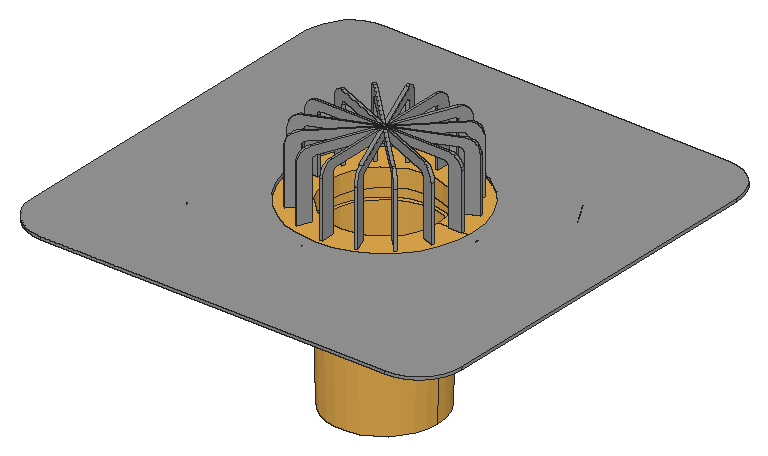
Revit family "TOPWET_Střešní vpust TW(E) 125 S", category Instalační zařizovací předměty, Revit 2016
Family settings
  Typ součásti = Normální
  Kóta kulaté spojky = Použít průměr
  Číslo OmniClass = 23.70.50.21.24
  Nadpis OmniClass = Waste Water Drains
  Založené na pracovní rovině = Ano
  Vždy vertikální = Ano
  Ořezat dutým tvarem při načtení = Ne
  Sdílené = Ne
  Bod výpočtu místnosti = Ne
Parameters (values of type "TW 125 BIT S svislé provedení, manžeta z asfaltového pásu")
  Šachta pro zelené střechy 400x400 [instance] = no
  Šachta pro zelené střechy 300x300 [instance] = no
  Šachta pro zelené střechy_výška [instance] = 500 mm
  ZUM [instance] = if(Nástavec střešní vpusti TWN, VN - 36 mm, 29.2 mm)  # 29.2 mm
  Vodní zápachová uzávěrka [instance] = no
  VZU [instance] = if(Nástavec střešní vpusti TWN, VN + 36.3 mm, 101 mm)  # 101 mm
  VZ [instance] = if(Nástavec střešní vpusti TWN, VN + 48 mm, 110 mm)  # 110 mm
  VTN [instance] = if(Nástavec střešní vpusti TWN, VN - 3 mm, 62.7 mm)  # 62.7 mm
  VS [instance] = if(Nástavec střešní vpusti TWN, VN + 47.3 mm, 113 mm)  # 113 mm
  VPK [instance] = if(Nástavec střešní vpusti TWN, VN - 57.5 mm, 8.5 mm)  # 8.5 mm
  VOK [instance] = if(Nástavec střešní vpusti TWN, VN - 18 mm, 47.7 mm)  # 47.7 mm
  Typ nástavce střešní vpusti TWN [instance] = Nástavec střešní vpusti TWN : TWN BIT
  Terasový nástavec TW TER_výška [instance] = 150 mm
  Terasový nástavec TW TER [instance] = no
  TNP [instance] = if(Nástavec střešní vpusti TWN, if(Perforovaný terasový nástavec TW TER P_Odvodňovací kroužky, VN + 40.3 mm + NOK, VN + 40.3 mm), if(Perforovaný terasový nástavec TW TER P_Odvodňovací kroužky, 107 mm + NOK, 107 mm))  # 107 mm
  TERC [instance] = and(Odvodňovací kroužek TW ODK_k nástavci TW TER P > 1, Perforovaný terasový nástavec TW TER P_Odvodňovací kroužky)  # no
  SZS [instance] = if(Nástavec střešní vpusti TWN, VN - 61.7 mm, 3 mm)  # 3 mm
  Plochý ochranný koš TW PLK [instance] = no
  Perforovaný terasový nástavec TW TER P_výška [instance] = 220 mm
  Odvodňovací kroužek TW ODK_k nástavci TW TER P [instance] = 1
  Perforovaný terasový nástavec TW TER P [instance] = no
  POK [instance] = if(Nástavec střešní vpusti TWN, VN - 65.7 mm, 0 mm)  # 0 mm
  TER [instance] = if(Odvodňovací kroužek TW ODK_k nástavci TW TER P < 2, 2, Odvodňovací kroužek TW ODK_k nástavci TW TER P)  # 2
  Perforovaný terasový nástavec TW TER P_Odvodňovací kroužky [instance] = Perforovaný terasový nástavec TW TER P  # no
  OKB [instance] = and(Odvodňovací kroužek TW ODK_k nástavci TW TER P = 1, Perforovaný terasový nástavec TW TER P_Odvodňovací kroužky)  # no
  Nástavec střešní vpusti TWN_výška [instance] = 300 mm
  Výrobce = "TOPWET"  # constant formula
  Default Elevation = 0 mm
  VN [instance] = Nástavec střešní vpusti TWN_výška + 68.7 mm  # 368.7 mm
  VK [instance] = if(Nástavec střešní vpusti TWN, VN - 61.7 mm, 0 mm)  # 0 mm
  URL = "http://www.topwet.cz/produkty/10-svisla-stresni-vpust-s-integrovanou-bitumenovou-manzetou"
  Typ obrázku = TW 75 BIT S.jpg
  T = 1
  Připojení odpadu = yes
  Perforovaný ochranný koš TWOK_počet nástavců [instance] = 3
  Popis = "Vpusť"
  Perforovaný ochranný koš TWOK [instance] = no
  PRŮTOK = 9.0 L/s  # constant formula
  Ochranný koš [instance] = and(not(Perforovaný ochranný koš TWOK), not(Terasový nástavec TW TER), not(Perforovaný terasový nástavec TW TER P), not(Plochý ochranný koš TW PLK))  # yes
  OBJEDNACÍ KÓD [instance] = if(T = 1, if(Elektrické vyhřívání_Vpusť, "TWE 125 BIT S", "TW 125 BIT S"), if(T = 2, if(Elektrické vyhřívání_Vpusť, "TWE 125 PVC S", "TW 125 PVC S"), if(T = 3, if(Elektrické vyhřívání_Vpusť, "TWE 125 ___ S", "TW 125 ___ S"), "NEDEFINOVÁNO")))  # "TW 125 BIT S"
  Nástavec střešní vpusti TWN [instance] = no
  NOK [instance] = if(Perforovaný terasový nástavec TW TER P_Odvodňovací kroužky, Odvodňovací kroužek TW ODK_k nástavci TW TER P * 33 mm, 0 mm)  # 0 mm
  Model = "viz OBJEDNACÍ KÓD"
  Mechanická zápachová uzávěrka [instance] = no
  MZK [instance] = if(Nástavec střešní vpusti TWN, VN - 26 mm, 39 mm)  # 39 mm
  Límec_Materiál = Plast - černý
  Komentáře k typům = "Střešní vpust TOPWET s integrovanou manžetou z modifikovaného asfaltového pásu, svislé provedení, tepelně izolovaná - dvojstěnná s ochranným košem"
  Klíčová poznámka = "TW 125 BIT S"
  JMENOVITÝ PRŮMĚR = 125 mm  # constant formula
  Elektrické vyhřívání_Vpusť = no
  Cena = 0
  COPYRIGHT = "©TOPWET"  # constant formula
Reference planes
  plane 1 "Střed (vpředu/vzadu)": y = 0
  plane 2 "Vkládací rovina": z = 0
  plane 3 "Střed (vlevo/vpravo)": x = 0
  plane 4 "Rovina osazení spodní hrany terasového nástavce TW TER P": z = -12
  plane 5 "Rovina osazení spodní hrany zápachové uzávěry": z = -121.954
  plane 6 "Rovina osazení spodní hrany vpusti TWN": z = -62.654
  plane 7 "Rovina osazení horní hrany mechanické zápachové klapky": z = -23.485
  plane 8: z = -210
  plane 9: z = -14.954
  plane 10 "pomocná rovina": through (4267.2, 0.017, -62.631) normal (0, 0.454, 0.891)
  plane 11: z = 0.046
  plane 12: z = -33.454
Forms (mm)
  Extrusion 1, solid, material "Plast - černý" <- "Límec_Materiál", detail levels medium+fine
    sketch origin (0, 0, 0) x (1, 0, 0) y (0, 1, 0)
      loop
        arc (-200, 250) -> (-235.355, 235.355) -> (-250, 200) r 50
        line (-250, 200) -> (-250, -200)
        arc (-250, -200) -> (-235.355, -235.355) -> (-200, -250) r 50
        line (-200, -250) -> (200, -250)
        arc (200, -250) -> (235.355, -235.355) -> (250, -200) r 50
        line (250, -200) -> (250, 200)
        arc (250, 200) -> (235.355, 235.355) -> (200, 250) r 50
        line (200, 250) -> (-200, 250)
      loop
        circle (0, 0) r 102.863
    from 0 to 3
  Sweep 2, solid, visible <- "Elektrické vyhřívání_Vpusť", detail levels medium+fine
    path origin (-35.053, 0, -44.762) x (-0.891007, 0, 0.45399) y (0, -1, 0)
      loop
        arc (-40.205, 73.652) -> (-137.53, 202.282) -> (-280, 126.651) r 124.374
        arc (-280, 126.651) -> (-280.843, -30.817) -> (-174.85, -147.275) r 216.685
    profile origin (87.487, -202.282, -107.199) x (0.192289, 0.976435, -0.097976) y (0.45399, 0, 0.891007)
      loop
        circle (0, 0) r 4
  Revolve 3, solid, material "Plast - hnědý", detail levels medium+fine
    sketch origin (0, 0, 0) x (1, 0, 0) y (0, 0, 1)
      loop
        line (-64, -21) -> (-64, 0) -> (-181, 0) -> (-181, -3) -> (-108.601, -3) -> (-90.057, -18.735)
        arc (-90.057, -18.735) -> (-84.031, -22.252) -> (-77.163, -23.485) r 20
        line (-77.163, -23.485) -> (-73.768, -119.743)
        arc (-73.768, -119.743) -> (-71.849, -125.841) -> (-67.072, -130.088) r 12
        line (-67.072, -130.088) -> (-64.491, -131.357) -> (-62.5, -210) -> (-58.945, -210) -> (-63.5, -33.485) -> (-68.499, -33.485) -> (-68.499, -21) -> (-64, -21)
      axis (0, -210) -> (0, 0)
    angle from 0 to 360
Lines and regions (mm)
  model lines, detail levels coarse+medium
    curve 1: line (0, 0, -100) -> (100, 0, 0)
    curve 2: line (0, 0, -100) -> (-100, 0, 0)
    curve 3: line (0, 0, -100) -> (0, 0, -210)
  symbolic lines, detail levels coarse+medium
    curve 4: line (0, 0, -97) -> (0, -100, 3)
    curve 5: line (0, 0, -97) -> (0, 100, 3)
    curve 6: line (0, 0, -97) -> (0, 0, -210)
    curve 7: circle (0, 0, 0) r 180 normal (0, 0, 1)
    curve 8: line (0, -181, 0) -> (0, 181, 0)
  symbolic lines, not visible, detail levels coarse+medium
    curve 9: circle (554.665, 348.517, 0) r 180 normal (0, 0, 1)
    curve 10: line (554.665, 167.517, 0) -> (554.665, 529.517, 0)
  model lines, not visible
    curve 11: line (0, 0, -33.5) -> (0, 0, -76)
Text (mm)
  text "Pro vkládní volitelných komponent použijte Konstrukční pohled" at (0, -25.874, 126.206), in view "Levý"
  text "Pro vkládní volitelných komponent použijte Konstrukční pohled" at (0, 24.971, 129.933), in view "Pravý"
  text "Pro vkládní volitelných komponent použijte Konstrukční pohled" at (-25.479, 0, 126.207), in view "Zadní"
  text "Rovina osazení spodní hrany zápachové uzávěry" at (115.374, 0, -123.298), in view "Konstrukční pohled"
  text "Rovina osazení spodní hrany terasového nástavce TW TER P" at (115.374, 0, -12.728), in view "Konstrukční pohled"
  text "Rovina osazení spodní hrany nástavce TWN" at (115.374, 0, -63.998), in view "Konstrukční pohled"
  text "Rovina osazení horní hrany mechanické zápachové klapky" at (115.374, 0, -24.213), in view "Konstrukční pohled"
Dimensions and locks
  "VN": nested 2 to plane 6 "Rovina osazení spodní hrany vpusti TWN"
  "VK": nested 1 to plane 2 "Vkládací rovina"
  "VPK": nested 3 to plane 7 "Rovina osazení horní hrany mechanické zápachové klapky"
  "TNP": nested 5 to plane 5 "Rovina osazení spodní hrany zápachové uzávěry"
  "POK": nested 6 to Extrusion 1
  "SZS": nested 7 to plane 2 "Vkládací rovina"
  "VZU": nested 10 to plane 5 "Rovina osazení spodní hrany zápachové uzávěry"
  "VZ": curve 3 to curve 3
  locked: curve 1 to curve 3 at 141.421
  locked: curve 3 to curve 2 at 141.421
  locked: nested 2 to curve 2 at 100
  locked: curve 1 to nested 2 at 100
  "SZS": nested 8 to plane 2 "Vkládací rovina"
  group 3 to group 4 = 0 mm  (x2)
  group 3 to group 4 = 33 mm
  "VOK": plane 9 to plane 6 "Rovina osazení spodní hrany vpusti TWN"
  locked: nested 12 to plane 9 at 33
  "VTN": plane 11 to plane 6 "Rovina osazení spodní hrany vpusti TWN"
  "ZUM": plane 12 to plane 6 "Rovina osazení spodní hrany vpusti TWN"
  "VS": curve 6 to plane 8
  locked: curve 5 to curve 6 at 141.421
  locked: curve 6 to curve 4 at 141.421
  locked: curve 5 to curve 2 at 100
  aligned and locked: level to plane 2 "Vkládací rovina"
  aligned and locked: plane 8 to curve 3
  aligned and locked: plane 9 to nested 11
  aligned and locked: plane 9 to nested 13
  aligned and locked: nested 13 to nested 13
  aligned and locked: plane 11 to nested 4
  aligned and locked: plane 12 to nested 9
Automatic sketch dimensions
  plane 1 "Střed (vpředu/vzadu)" to Extrusion 1 sketch curve = 0 mm
  Extrusion 1 sketch curve to plane 3 "Střed (vlevo/vpravo)" = 0 mm
  Extrusion 1 sketch curve to plane 3 "Střed (vlevo/vpravo)" = 200 mm  (x2)
  Extrusion 1 sketch curve to Extrusion 1 sketch curve = 50 mm  (x2)
  plane 3 "Střed (vlevo/vpravo)" to Extrusion 1 sketch curve = 200 mm  (x2)
  plane 1 "Střed (vpředu/vzadu)" to Extrusion 1 sketch curve = 200 mm
  Extrusion 1 sketch curve to plane 1 "Střed (vpředu/vzadu)" = 200 mm
  plane 1 "Střed (vpředu/vzadu)" to Sweep 2 sketch curve = 80.839 mm
  plane 1 "Střed (vpředu/vzadu)" to Sweep 2 sketch curve = 46.836 mm
  Sweep 2 sketch curve to Sweep 2 sketch curve = 85.821 mm
  Sweep 2 sketch curve to Sweep 2 sketch curve = 96.3 mm
  Sweep 2 sketch curve to Sweep 2 sketch curve = 115.629 mm
  Sweep 2 sketch curve to Sweep 2 sketch curve = 0 mm
  Sweep 2 sketch curve to Sweep 2 sketch curve = 38.345 mm
  Sweep 2 sketch curve to profile plane = 0 mm  (x2)
  Revolve 3 sketch curve to level = 0 mm  (x2)
  Revolve 3 sketch curve to plane 7 "Rovina osazení horní hrany mechanické zápachové klapky" = 0 mm
  Revolve 3 sketch curve to plane 8 = 0 mm
  Revolve 3 sketch curve to plane 3 "Střed (vlevo/vpravo)" = 0 mm
  Revolve 3 sketch curve to plane 3 "Střed (vlevo/vpravo)" = 58.945 mm
  plane 5 "Rovina osazení spodní hrany zápachové uzávěry" to Revolve 3 sketch curve = 2.633 mm
  Revolve 3 sketch curve to plane 3 "Střed (vlevo/vpravo)" = 61.775 mm
  Revolve 3 sketch curve to Revolve 3 sketch curve = 3.555 mm
  Revolve 3 sketch curve to plane 7 "Rovina osazení horní hrany mechanické zápachové klapky" = 10 mm
  Revolve 3 sketch curve to plane 3 "Střed (vlevo/vpravo)" = 63.5 mm
  Revolve 3 sketch curve to Revolve 3 sketch curve = 0.5 mm
  Revolve 3 sketch curve to plane 5 "Rovina osazení spodní hrany zápachové uzávěry" = 9.404 mm
  Revolve 3 sketch curve to Revolve 3 sketch curve = 2.716 mm
  Revolve 3 sketch curve to plane 5 "Rovina osazení spodní hrany zápachové uzávěry" = 8.134 mm
  Revolve 3 sketch curve to Revolve 3 sketch curve = 2.58 mm
  Revolve 3 sketch curve to Revolve 3 sketch curve = 4.499 mm
  plane 5 "Rovina osazení spodní hrany zápachové uzávěry" to Revolve 3 sketch curve = 2.21 mm
  Revolve 3 sketch curve to level = 3.485 mm
  Revolve 3 sketch curve to Revolve 3 sketch curve = 13.117 mm
  Revolve 3 sketch curve to Revolve 3 sketch curve = 8.664 mm
  plane 7 "Rovina osazení horní hrany mechanické zápachové klapky" to Revolve 3 sketch curve = 4.75 mm
  Revolve 3 sketch curve to level = 3 mm
  Revolve 3 sketch curve to Revolve 3 sketch curve = 18.544 mm
  Revolve 3 sketch curve to Revolve 3 sketch curve = 72.399 mm
  plane 7 "Rovina osazení horní hrany mechanické zápachové klapky" to Revolve 3 sketch curve = 2.485 mm
  level to Revolve 3 sketch curve = 20 mm
  curve 5 to plane 1 "Střed (vpředu/vzadu)" = 0 mm
  curve 6 to plane 8 = 0 mm
  curve 2 to plane 3 "Střed (vlevo/vpravo)" = 0 mm
  curve 11 to plane 3 "Střed (vlevo/vpravo)" = 0 mm
  curve 11 to plane 6 "Rovina osazení spodní hrany vpusti TWN" = 13.346 mm
  curve 11 to plane 12 = 0.046 mm
  radius of Extrusion 1 sketch curve = 102.863 mm
  radius of Sweep 2 sketch curve = 4 mm
Nested families
  nested 1: "Ochranný koš" at (0, 0, 0), visible <- "Ochranný koš", type "Ochranný koš", detail levels medium+fine
  nested 2: "Nástavec střešní vpusti TWN" at (0, 0, 303.046), Výška <- "Nástavec střešní vpusti TWN_výška", Použít měřítko poznámky <- "Nástavec střešní vpusti TWN", visible <- "Nástavec střešní vpusti TWN", type <- "Typ nástavce střešní vpusti TWN", type "TWN BIT"
    with Výška 300 mm, Viditelnost yes, V 362.7 mm, Použít měřítko poznámky 0, OBJEDNACÍ KÓD "TWN v300 BIT", K 300 mm, D -362.7 mm
  nested 3: "Perforovaný ochranný koš TWOK" at (0, 0, 99.015), visible <- "Perforovaný ochranný koš TWOK", Počet nástavců <- "Perforovaný ochranný koš TWOK_počet nástavců", type "Perforovaný ochranný koš TWOK"
    with Výška 99 mm, VPK yes, VOK yes, Počet nástavců 3, PKK 99 mm, PK 3, P 2, OK 15 mm, OBJEDNACÍ KÓD "TWOK v100", Kontrola yes, K1 no
  nested 4: "Terasový nástavec TW TER" at (0, 0, 135.046), Výška <- "Terasový nástavec TW TER_výška", visible <- "Terasový nástavec TW TER", type "Terasový nástavec TW TER"
    with Výška 150 mm, VK yes, PK 10, OBJEDNACÍ KÓD "TW TER", MD1 -117 mm, Kontrola yes, KO -8 mm, E 97.5 mm, D 117 mm
  nested 5: "Perforovaný terasový nástavec TW TER P" at (0, 0, 205.046), visible <- "Perforovaný terasový nástavec TW TER P", Výška <- "Perforovaný terasový nástavec TW TER P_výška", type "Perforovaný terasový nástavec TW TER P"
    with Výška 220 mm, VN3 yes, VN2 yes, VN1 yes, VK yes, PK 10, OBJEDNACÍ KÓD "TW TER P", MD1 -121 mm, Kontrola yes, KO -8 mm, E 101.5 mm, D 121 mm
  nested 6: "Plochý ochranný koš TW PLK" at (0, 0, 0), visible <- "Plochý ochranný koš TW PLK", type "Plochý ochranný koš TW PLK", detail levels fine
    with OBJEDNACÍ KÓD "TW PLK"
  nested 7: "Šachta pro zelené střechy" at (0, 0, 503), Výška <- "Šachta pro zelené střechy_výška", visible <- "Šachta pro zelené střechy 300x300", type "TWZ 300x300"
    with Výška 500 mm, SN 36 mm, S1 0 mm, Počet lamel 5, PP 4, ON -436 mm, OBJEDNACÍ KÓD "TWZ 300x300x530", LAP yes, LAN yes, LA1 no, Kontrola yes, KO -43 mm, H 530 mm
  nested 8: "Šachta pro zelené střechy" at (0, 0, 503), Výška <- "Šachta pro zelené střechy_výška", visible <- "Šachta pro zelené střechy 400x400", type "TWZ 400x400"
    with Výška 500 mm, SN 36 mm, S1 0 mm, Počet lamel 5, PP 4, ON -436 mm, OBJEDNACÍ KÓD "TWZ 400x400x530", LAP yes, LAN yes, LA1 no, Kontrola yes, KO -43 mm, H 530 mm
  nested 9: "Mechanická zápachová klapka" at (0, 0, -24.154), visible <- "Mechanická zápachová uzávěrka", type "Mechanická zápachová klapka", detail levels fine
    with OBJEDNACÍ KÓD "TWZU KL"
  nested 10: "Vodní zápachová uzávěra" at (0, 0, -20.954), visible <- "Vodní zápachová uzávěrka", type "Vodní zápachová uzávěra", detail levels fine
    with OBJEDNACÍ KÓD "TWZU"
  nested 11: "Odvodňovací kroužek pro ochranný koš TW ODK" at (0, 0, 18.046), visible <- "TERC", type "Odvodňovací kroužek pro ochranný koš TW ODK"
    with Seříznutí 0 mm, OBJEDNACÍ KÓD "TW ODK"
  nested 12: "Odvodňovací kroužek pro ochranný koš TW ODK" at (0, 0, 51.046), visible <- "TERC", type "Odvodňovací kroužek pro ochranný koš TW ODK"
    with Seříznutí 0 mm, OBJEDNACÍ KÓD "TW ODK"
  nested 13: "Odvodňovací kroužek pro ochranný koš TW ODK" at (0, 0, 18.046), visible <- "OKB", type "Odvodňovací kroužek pro ochranný koš TW ODK"
    with Seříznutí 0 mm, OBJEDNACÍ KÓD "TW ODK"
Connectors
  piping at (0, 0, -210), diameter 125, driven by "JMENOVITÝ PRŮMĚR", driven by "PRŮTOK"
    settings: on Revolve 3, index 1, connector inside diameter 609.6 mm, connector length 0 mm, flow factor 0, pipe flow 9.0 L/s, pressure drop 0.0 Pa, fitting loss kfactor 0, connector angle 0.00°, fixture units 0, engagement length 0 mm, angle of deflection 0.00°, flow configuration 1, flow direction 2, fitting loss method 0, system type 16, joint type 0, gender type 0, connector reference index -1, connector utility 0, adjustable connector yes, is connector primary yes, connector description "DO DEŠŤOVÉ KANALIZACE"
Definition of nested family "Ochranný koš"
  Parameters (values of type "Ochranný koš")
    Manufacturer = "TOPWET"  # constant formula
    URL = ""
    Description = "Příslušenství vpusti - není volitelné příslušenství"
    Model = "Model"
    Type Comments = "Komentáře k typům"
    Cost = 0
    Copyright = "©TOPWET"  # constant formula
  Reference planes
    plane 1 "Střed (vpředu/vzadu)": y = 0
    plane 2: z = 0
    plane 3 "Střed (vlevo/vpravo)": x = 0
  Forms (mm)
    Extrusion 1, solid, detail levels fine
      sketch origin (0, 0, 0) x (1, 0, 0) y (0, 0, 1)
        loop
          line (76.5, 79) -> (-76.5, 79)
          arc (-76.5, 79) -> (-87.107, 74.607) -> (-91.5, 64) r 15
          line (-91.5, 64) -> (-91.5, 0) -> (-76.5, 0) -> (-76.5, 64)
          arc (-76.5, 64) -> (-75.036, 67.536) -> (-71.5, 69) r 5
          line (-71.5, 69) -> (71.5, 69)
          arc (71.5, 69) -> (75.036, 67.536) -> (76.5, 64) r 5
          line (76.5, 64) -> (76.5, 0) -> (91.5, 0) -> (91.5, 64)
          arc (91.5, 64) -> (87.107, 74.607) -> (76.5, 79) r 15
      from -1.5 to 1.5
    Extrusion 2, solid, detail levels fine
      sketch origin (0, 0, 0) x (0, 1, 0) y (0, 0, 1)
        loop
          line (76.5, 79) -> (-76.5, 79)
          arc (-76.5, 79) -> (-87.107, 74.607) -> (-91.5, 64) r 15
          line (-91.5, 64) -> (-91.5, 0) -> (-76.5, 0) -> (-76.5, 64)
          arc (-76.5, 64) -> (-75.036, 67.536) -> (-71.5, 69) r 5
          line (-71.5, 69) -> (71.5, 69)
          arc (71.5, 69) -> (75.036, 67.536) -> (76.5, 64) r 5
          line (76.5, 64) -> (76.5, 0) -> (91.5, 0) -> (91.5, 64)
          arc (91.5, 64) -> (87.107, 74.607) -> (76.5, 79) r 15
      from -1.5 to 1.5
    Extrusion 3, solid, detail levels fine
      sketch origin (0, 0, 0) x (0.382683, 0.92388, 0) y (0, 0, 1)
        loop
          line (76.5, 79) -> (-76.5, 79)
          arc (-76.5, 79) -> (-87.107, 74.607) -> (-91.5, 64) r 15
          line (-91.5, 64) -> (-91.5, 0) -> (-76.5, 0) -> (-76.5, 64)
          arc (-76.5, 64) -> (-75.036, 67.536) -> (-71.5, 69) r 5
          line (-71.5, 69) -> (71.5, 69)
          arc (71.5, 69) -> (75.036, 67.536) -> (76.5, 64) r 5
          line (76.5, 64) -> (76.5, 0) -> (91.5, 0) -> (91.5, 64)
          arc (91.5, 64) -> (87.107, 74.607) -> (76.5, 79) r 15
      from -1.5 to 1.5
    Extrusion 4, solid, detail levels fine
      sketch origin (0, 0, 0) x (0.707107, 0.707107, 0) y (0, 0, 1)
        loop
          line (76.5, 79) -> (-76.5, 79)
          arc (-76.5, 79) -> (-87.107, 74.607) -> (-91.5, 64) r 15
          line (-91.5, 64) -> (-91.5, 0) -> (-76.5, 0) -> (-76.5, 64)
          arc (-76.5, 64) -> (-75.036, 67.536) -> (-71.5, 69) r 5
          line (-71.5, 69) -> (71.5, 69)
          arc (71.5, 69) -> (75.036, 67.536) -> (76.5, 64) r 5
          line (76.5, 64) -> (76.5, 0) -> (91.5, 0) -> (91.5, 64)
          arc (91.5, 64) -> (87.107, 74.607) -> (76.5, 79) r 15
      from -1.5 to 1.5
    Extrusion 5, solid, detail levels fine
      sketch origin (0, 0, 0) x (0.92388, 0.382683, 0) y (0, 0, 1)
        loop
          line (76.5, 79) -> (-76.5, 79)
          arc (-76.5, 79) -> (-87.107, 74.607) -> (-91.5, 64) r 15
          line (-91.5, 64) -> (-91.5, 0) -> (-76.5, 0) -> (-76.5, 64)
          arc (-76.5, 64) -> (-75.036, 67.536) -> (-71.5, 69) r 5
          line (-71.5, 69) -> (71.5, 69)
          arc (71.5, 69) -> (75.036, 67.536) -> (76.5, 64) r 5
          line (76.5, 64) -> (76.5, 0) -> (91.5, 0) -> (91.5, 64)
          arc (91.5, 64) -> (87.107, 74.607) -> (76.5, 79) r 15
      from -1.5 to 1.5
    Extrusion 6, solid, detail levels fine
      sketch origin (0, 0, 0) x (-0.382683, 0.92388, 0) y (0, 0, -1)
        loop
          arc (76.5, -79) -> (87.107, -74.607) -> (91.5, -64) r 15
          line (91.5, -64) -> (91.5, 0) -> (76.5, 0) -> (76.5, -64)
          arc (76.5, -64) -> (75.036, -67.536) -> (71.5, -69) r 5
          line (71.5, -69) -> (-71.5, -69)
          arc (-71.5, -69) -> (-75.036, -67.536) -> (-76.5, -64) r 5
          line (-76.5, -64) -> (-76.5, 0) -> (-91.5, 0) -> (-91.5, -64)
          arc (-91.5, -64) -> (-87.107, -74.607) -> (-76.5, -79) r 15
          line (-76.5, -79) -> (76.5, -79)
      from -1.5 to 1.5
    Extrusion 7, solid, detail levels fine
      sketch origin (0, 0, 0) x (-0.707107, 0.707107, 0) y (0, 0, -1)
        loop
          arc (76.5, -79) -> (87.107, -74.607) -> (91.5, -64) r 15
          line (91.5, -64) -> (91.5, 0) -> (76.5, 0) -> (76.5, -64)
          arc (76.5, -64) -> (75.036, -67.536) -> (71.5, -69) r 5
          line (71.5, -69) -> (-71.5, -69)
          arc (-71.5, -69) -> (-75.036, -67.536) -> (-76.5, -64) r 5
          line (-76.5, -64) -> (-76.5, 0) -> (-91.5, 0) -> (-91.5, -64)
          arc (-91.5, -64) -> (-87.107, -74.607) -> (-76.5, -79) r 15
          line (-76.5, -79) -> (76.5, -79)
      from -1.5 to 1.5
    Extrusion 8, solid, detail levels fine
      sketch origin (0, 0, 0) x (-0.92388, 0.382683, 0) y (0, 0, -1)
        loop
          arc (76.5, -79) -> (87.107, -74.607) -> (91.5, -64) r 15
          line (91.5, -64) -> (91.5, 0) -> (76.5, 0) -> (76.5, -64)
          arc (76.5, -64) -> (75.036, -67.536) -> (71.5, -69) r 5
          line (71.5, -69) -> (-71.5, -69)
          arc (-71.5, -69) -> (-75.036, -67.536) -> (-76.5, -64) r 5
          line (-76.5, -64) -> (-76.5, 0) -> (-91.5, 0) -> (-91.5, -64)
          arc (-91.5, -64) -> (-87.107, -74.607) -> (-76.5, -79) r 15
          line (-76.5, -79) -> (76.5, -79)
      from -1.5 to 1.5
  Dimensions and locks
    aligned and locked: level to plane 2
Definition of nested family "Nástavec střešní vpusti TWN"
  Parameters (values of type "TWNE___ vyhřívaný")
    Výška_Minimální = if(Elektrické vyhřívání, 90 mm, 40 mm)  # 90 mm
    Výška_Maximální = 500 mm  # constant formula
    Výška [instance] = 500 mm
    Manufacturer = "TOPWET"  # constant formula
    Viditelnost [instance] = yes
    V [instance] = Výška + 62.7 mm  # 562.7 mm
    URL = "http://www.topwet.cz/produkty/148-nastavec-stresni-vpusti-s-integrovanou-manzetou-na-zakazku"
    Type Image = element 950731
    Použít měřítko poznámky [instance] = 0
    Description = "Příslušenství vpusti"
    OBJEDNACÍ KÓD [instance] = size_lookup("TWN", "", "NEDEFINOVÁNO", M + K + 1000 mm + if(Elektrické vyhřívání, 10000 mm, 0 mm))  # "TWNE v500 ___"
    Model = "viz OBJEDNACÍ KÓD"
    M = 3 mm
    Límec = none
    Type Comments = "Vyhřívaný nástavec TOPWET s integrovanou manžetou na zakázku pro svislé a vodorovné provedení střešních vpustí TOPWET DN 70, 100 a 125 s těsnícím kroužkem, bez ochranného koše."
    Keynote = ""
    K [instance] = if(Výška > 300 mm, 500 mm, if(Výška > 220 mm, 300 mm, 220 mm))  # 500 mm
    Elektrické vyhřívání = yes
    D [instance] = if(or(Výška < Výška_Minimální, Výška > Výška_Maximální), -Výška_Maximální - 72.7 mm, -V)  # -562.7 mm
    Cost = 0
    COPYRIGHT = "©TOPWET"  # constant formula
  Types (6, lengths in mm): name | Výška_Minimální | URL | Type Image | OBJEDNACÍ KÓD | M | Type Comments | Elektrické vyhřívání
    TWN BIT | 40 | "http://www.topwet.cz/produkty/146-nastavec-stresni-vpusti-s-integrovanou-bitumenovou-manzetou" | element 950727 | "TWN v500 BIT" | 1 | "Nástavec TOPWET s integrovanou manžetou z modifikovaného asfaltového pásu pro svislé a vodorovné provedení střešních vpustí TOPWET DN 70, 100 a 125 s těsnicím kroužkem, bez ochranného koše." | no
    TWN PVC | 40 | "http://www.topwet.cz/produkty/147-nastavec-stresni-vpusti-s-integrovanou-pvc-manzetou" | element 950723 | "TWN v500 PVC" | 2 | "Nástavec TOPWET s integrovanou manžetou z hydroizolační fólie na bázi PVC pro svislé a vodorovné provedení střešních vpustí TOPWET DN 70, 100 a 125 s těsnícím kroužkem, bez ochranného koše." | no
    TWN___ | 40 | "http://www.topwet.cz/produkty/148-nastavec-stresni-vpusti-s-integrovanou-manzetou-na-zakazku" | element 950725 | "TWN v500 ___" | 3 | "Nástavec TOPWET s integrovanou manžetou na zakázku pro svislé a vodorovné provedení střešních vpustí TOPWET DN 70, 100 a 125 s těsnícím kroužkem, bez ochranného koše." | no
    TWNE___ vyhřívaný | 90 | "http://www.topwet.cz/produkty/148-nastavec-stresni-vpusti-s-integrovanou-manzetou-na-zakazku" | element 950731 | "TWNE v500 ___" | 3 | "Vyhřívaný nástavec TOPWET s integrovanou manžetou na zakázku pro svislé a vodorovné provedení střešních vpustí TOPWET DN 70, 100 a 125 s těsnícím kroužkem, bez ochranného koše." | yes
    TWNE BIT vyhřívaný | 90 | "http://www.topwet.cz/produkty/146-nastavec-stresni-vpusti-s-integrovanou-bitumenovou-manzetou" | element 950729 | "TWNE v500 BIT" | 1 | "Vyhřívaný nástavec TOPWET s integrovanou manžetou z modifikovaného asfaltového pásu pro svislé a vodorovné provedení střešních vpustí TOPWET DN 70, 100 a 125 s těsnicím kroužkem, bez ochranného koše." | yes
    TWNE PVC vyhřívaný | 90 | "http://www.topwet.cz/produkty/147-nastavec-stresni-vpusti-s-integrovanou-pvc-manzetou" | element 950731 | "TWNE v500 PVC" | 2 | "Vyhřívaný nástavec TOPWET s integrovanou manžetou z hydroizolační fólie na bázi PVC pro svislé a vodorovné provedení střešních vpustí TOPWET DN 70, 100 a 125 s těsnícím kroužkem, bez ochranného koše." | yes
  Reference planes
    plane 1 "Střed (vpředu/vzadu)": y = 0
    plane 2: z = 0
    plane 3 "Střed (vlevo/vpravo)": x = 0
    plane 4 "Maximum": z = -562.7
    plane 5 "Minimum": z = -40
    plane 6: z = -562.7
  Forms (mm)
    Extrusion 1, solid, material <- "Límec", visible <- "Viditelnost", detail levels medium+fine
      sketch origin (0, 0, 0) x (1, 0, 0) y (0, 1, 0)
        loop
          line (-200, -250) -> (200, -250)
          arc (200, -250) -> (235.355, -235.355) -> (250, -200) r 50
          line (250, -200) -> (250, 200)
          arc (250, 200) -> (235.355, 235.355) -> (200, 250) r 50
          line (200, 250) -> (-200, 250)
          arc (-200, 250) -> (-235.355, 235.355) -> (-250, 200) r 50
          line (-250, 200) -> (-250, -200)
          arc (-250, -200) -> (-235.355, -235.355) -> (-200, -250) r 50
        loop
          circle (0, 0) r 106.5
      from 0 to 3
    Revolve 2, solid, visible <- "Viditelnost", detail levels medium+fine
      sketch origin (0, 0, 0) x (1, 0, 0) y (0, 0, 1)
        loop
          line (62.5, -562.7) -> (62.5, -35.5) -> (71.5, -35.5) -> (109.5, -3) -> (146.5, -3) -> (146.5, 0) -> (64.5, 0) -> (64.5, -21) -> (68.5, -21) -> (68.5, -33) -> (56.5, -33) -> (56.5, -81) -> (59.5, -81) -> (59.5, -562.7) -> (62.5, -562.7)
        axis (0, 0) -> (0, -562.7)
      angle from 0 to 360
    Extrusion 3, void, detail levels fine
      sketch origin (0, 0, 0) x (1, 0, 0) y (0, 1, 0)
        loop
          circle (0, 0) r 200
      from -572.7 to -562.7 <- "D"
    Sweep 4, solid, visible <- "Elektrické vyhřívání", detail levels medium+fine
      path origin (-38.319, 11.345, -40.792) x (-0.882948, 0, 0.469472) y (0, -1, 0)
        loop
          arc (-40.205, 73.652) -> (-137.53, 202.282) -> (-280, 126.651) r 124.374
          arc (-280, 126.651) -> (-280.843, -30.817) -> (-174.85, -147.275) r 216.685
      profile origin (83.113, -190.937, -105.358) x (0.19055, 0.976435, -0.101317) y (0.469472, 0, 0.882948)
        loop
          circle (0, 0) r 4
    Revolve 5, solid, visible <- "Elektrické vyhřívání", detail levels medium+fine
      sketch origin (0, 0, 0) x (1, 0, 0) y (0, 0, 1)
        loop
          line (62.5, -100) -> (71.5, -100) -> (71.5, -35.5) -> (62.5, -35.5) -> (62.5, -100)
        axis (0, -35.5) -> (0, -100)
      angle from 0 to 360
  Cuts and joins
    Extrusion 3 cuts Revolve 2
  Dimensions and locks
    "V": plane 2 to plane 6
    aligned and locked: level to plane 2
    aligned and locked: plane 4 "Maximum" to Revolve 2 sketch curve
  Automatic sketch dimensions
    Extrusion 1 sketch curve to plane 3 "Střed (vlevo/vpravo)" = 200 mm  (x2)
    Extrusion 1 sketch curve to Extrusion 1 sketch curve = 50 mm  (x2)
    plane 3 "Střed (vlevo/vpravo)" to Extrusion 1 sketch curve = 200 mm  (x2)
    plane 1 "Střed (vpředu/vzadu)" to Extrusion 1 sketch curve = 200 mm
    Extrusion 1 sketch curve to plane 1 "Střed (vpředu/vzadu)" = 200 mm
    plane 1 "Střed (vpředu/vzadu)" to Extrusion 3 sketch curve = 0 mm
    Extrusion 3 sketch curve to plane 3 "Střed (vlevo/vpravo)" = 0 mm
    Extrusion 1 sketch curve to plane 3 "Střed (vlevo/vpravo)" = 106.5 mm
    Extrusion 1 sketch curve to Extrusion 1 sketch curve = 0 mm  (x2)
    plane 1 "Střed (vpředu/vzadu)" to Extrusion 1 sketch curve = 0 mm
    Extrusion 1 sketch curve to plane 3 "Střed (vlevo/vpravo)" = 0 mm
    Revolve 2 sketch curve to plane 3 "Střed (vlevo/vpravo)" = 0 mm
    Revolve 2 sketch curve to level = 0 mm
    plane 3 "Střed (vlevo/vpravo)" to Revolve 2 sketch curve = 56.5 mm
    Revolve 2 sketch curve to Revolve 2 sketch curve = 3 mm  (x3)
    Revolve 2 sketch curve to Revolve 2 sketch curve = 8 mm
    Revolve 2 sketch curve to Revolve 2 sketch curve = 6 mm
    Revolve 2 sketch curve to level = 3 mm
    Revolve 2 sketch curve to Revolve 2 sketch curve = 41 mm
    Revolve 2 sketch curve to Revolve 2 sketch curve = 37 mm
    plane 5 "Minimum" to Revolve 2 sketch curve = 41 mm
    Revolve 2 sketch curve to plane 5 "Minimum" = 4.5 mm
    Revolve 2 sketch curve to Revolve 2 sketch curve = 12 mm
    level to Revolve 2 sketch curve = 25 mm
    Revolve 2 sketch curve to Revolve 2 sketch curve = 65 mm
    Revolve 2 sketch curve to Revolve 2 sketch curve = 2.5 mm
    Revolve 5 sketch curve to plane 3 "Střed (vlevo/vpravo)" = 0 mm
    plane 3 "Střed (vlevo/vpravo)" to Revolve 5 sketch curve = 62.5 mm
    plane 5 "Minimum" to Revolve 5 sketch curve = 60 mm
    Revolve 5 sketch curve to plane 5 "Minimum" = 4.5 mm
    Revolve 5 sketch curve to Revolve 5 sketch curve = 20.5 mm
    level to Revolve 5 sketch curve = 14.5 mm
    Revolve 5 sketch curve to Revolve 5 sketch curve = 9 mm
    plane 1 "Střed (vpředu/vzadu)" to Sweep 4 sketch curve = 69.494 mm
    plane 1 "Střed (vpředu/vzadu)" to Sweep 4 sketch curve = 35.491 mm
    Sweep 4 sketch curve to Sweep 4 sketch curve = 85.821 mm
    Sweep 4 sketch curve to Sweep 4 sketch curve = 96.3 mm
    plane 1 "Střed (vpředu/vzadu)" to Sweep 4 sketch curve = 115.306 mm
    Sweep 4 sketch curve to Sweep 4 sketch curve = 0 mm
    Sweep 4 sketch curve to Sweep 4 sketch curve = 38.345 mm
    Sweep 4 sketch curve to profile plane = 0 mm  (x2)
    radius of Extrusion 3 sketch curve = 200 mm
    radius of Sweep 4 sketch curve = 4 mm
Definition of nested family "Perforovaný ochranný koš TWOK"
  Parameters (values of type "Perforovaný ochranný koš TWOK")
    Výška_Minimální = 33 mm  # constant formula
    Výška_Maximální = 990 mm  # constant formula
    Výška [instance] = Počet nástavců * 33 mm  # 99 mm
    Manufacturer = "TOPWET"  # constant formula
    VPK [instance] = PK > 1  # yes
    URL = "http://www.topwet.cz/produkty/267-perforovany-ochranny-kos"
    Type Image = element 944590
    Počet nástavců [instance] = 3
    Description = "Příslušenství vpusti"
    PKK [instance] = PK * 33 mm  # 99 mm
    PK [instance] = if(Kontrola, Výška / 33 mm, 0)  # 3
    P [instance] = if(PK - 1 < 2, 2, PK - 1)  # 2
    VOK [instance] = OK > 0 mm  # yes
    OBJEDNACÍ KÓD [instance] = if(PK = 1, "TWOK v33", if(PK = 2, "TWOK v67", if(PK = 3, "TWOK v100", if(PK = 4, "TWOK v133", if(PK = 5, "TWOK v167", if(PK = 6, "TWOK v200", if(PK = 7, "TWOK v233", if(PK = 8, "TWOK v267", if(PK = 9, "TWOK v300", if(PK = 10, "TWOK v333", if(PK = 11, "TWOK v367", if(PK = 12, "TWOK v400", if(PK = 13, "TWOK v433", if(PK = 14, "TWOK v467", if(PK = 15, "TWOK v500", if(PK = 16, "TWOK v533", if(PK = 17, "TWOK v567", if(PK = 16, "TWOK v600", if(PK = 19, "TWOK v633", if(PK = 20, "TWOK v667", if(PK = 21, "TWOK v700", if(PK = 22, "TWOK v733", if(PK = 23, "TWOK v767", if(PK = 24, "TWOK v800", if(PK = 25, "TWOK v833", if(PK = 26, "TWOK v867", if(PK = 27, "TWOK v900", if(PK = 28, "TWOK v933", if(PK = 29, "TWOK v967", "TWOK v1000")))))))))))))))))))))))))))))  # "TWOK v100"
    Model = "viz OBJEDNACÍ KÓD"
    Kontrola [instance] = not(or(Výška > Výška_Maximální, Výška < Výška_Minimální))  # yes
    Type Comments = "Perforovaný ochranný koš TOPWET pro střechy \ns kačírkem nebo s jiným přitěžujícím souvrstvím. Koš lze \nprodloužit odvodňovacím kroužkem TW ODK vždy o 33 mm. \nProvedení ze silnostěnného polyamidu PA6 UV Stabil."
    Keynote = ""
    K1 [instance] = and(PK = 1, not(VOK))  # no
    Cost = 0
    OK [instance] = 48 mm - (Výška - ((PK - 1) * 33 mm))  # 15 mm
    COPYRIGHT = "©TOPWET"  # constant formula
  Reference planes
    plane 1 "Střed (vpředu/vzadu)": y = 0
    plane 2: z = 0
    plane 3 "Střed (vlevo/vpravo)": x = 0
    plane 4 "Výška": z = -99
    plane 5: z = -114
  Forms (mm)
    Revolve 1, solid, detail levels medium+fine
      sketch origin (0, 0, 0) x (1, 0, 0) y (0, 0, 1)
        loop
          line (0, 0) -> (60, 0) -> (60, -15) -> (64.5, -15) -> (64.5, 0) -> (68, 0) -> (68, 2.899)
          arc (68, 2.899) -> (67.639, 4.326) -> (66.643, 5.41) r 3
          arc (66.643, 5.41) -> (58.557, 8.832) -> (49.854, 10) r 32.995
          line (49.854, 10) -> (0, 10) -> (0, 0)
        axis (0, -15) -> (0, 10)
      angle from 0 to 360
    Extrusion 2, void
      sketch origin (-139.84, -1524, -99) x (0, -1, 0) y (-1, 0, 0)
        loop
          line (-1588.422, -116.805) -> (-1534.394, -134.36)
          arc (-1534.394, -134.36) -> (-1533.506, -132.934) -> (-1532.424, -131.649) r 11.75
          line (-1532.424, -131.649) -> (-1565.893, -85.582)
          arc (-1565.893, -85.582) -> (-1579.414, -99.566) -> (-1588.422, -116.805) r 68
        loop
          line (-1589.262, -158.942) -> (-1535.63, -141.516)
          arc (-1535.63, -141.516) -> (-1535.75, -139.84) -> (-1535.63, -138.164) r 11.75
          line (-1535.63, -138.164) -> (-1589.262, -120.738)
          arc (-1589.262, -120.738) -> (-1592, -139.84) -> (-1589.262, -158.942) r 68
        loop
          line (-1565.57, -193.654) -> (-1532.424, -148.032)
          arc (-1532.424, -148.032) -> (-1533.506, -146.747) -> (-1534.394, -145.32) r 11.75
          line (-1534.394, -145.32) -> (-1588.026, -162.746)
          arc (-1588.026, -162.746) -> (-1579.013, -179.81) -> (-1565.57, -193.654) r 68
        loop
          line (-1526, -207.811) -> (-1526, -151.419)
          arc (-1526, -151.419) -> (-1527.631, -151.015) -> (-1529.188, -150.383) r 11.75
          line (-1529.188, -150.383) -> (-1562.334, -196.005)
          arc (-1562.334, -196.005) -> (-1545.013, -204.512) -> (-1526, -207.811) r 68
        loop
          arc (-1518.812, -150.383) -> (-1520.369, -151.015) -> (-1522, -151.419) r 11.75
          line (-1522, -151.419) -> (-1522, -207.811)
          arc (-1522, -207.811) -> (-1502.987, -204.512) -> (-1485.666, -196.005) r 68
          line (-1485.666, -196.005) -> (-1518.812, -150.383)
        loop
          line (-1459.974, -162.746) -> (-1513.606, -145.32)
          arc (-1513.606, -145.32) -> (-1514.494, -146.747) -> (-1515.576, -148.032) r 11.75
          line (-1515.576, -148.032) -> (-1482.43, -193.654)
          arc (-1482.43, -193.654) -> (-1468.987, -179.81) -> (-1459.974, -162.746) r 68
        loop
          line (-1458.738, -120.738) -> (-1512.37, -138.164)
          arc (-1512.37, -138.164) -> (-1512.25, -139.84) -> (-1512.37, -141.516) r 11.75
          line (-1512.37, -141.516) -> (-1458.738, -158.942)
          arc (-1458.738, -158.942) -> (-1456, -139.84) -> (-1458.738, -120.738) r 68
        loop
          line (-1482.43, -86.026) -> (-1515.576, -131.649)
          arc (-1515.576, -131.649) -> (-1514.494, -132.934) -> (-1513.606, -134.36) r 11.75
          line (-1513.606, -134.36) -> (-1459.974, -116.934)
          arc (-1459.974, -116.934) -> (-1468.987, -99.871) -> (-1482.43, -86.026) r 68
        loop
          line (-1518.812, -129.297) -> (-1485.666, -83.675)
          arc (-1485.666, -83.675) -> (-1502.987, -75.168) -> (-1522, -71.87) r 68
          line (-1522, -71.87) -> (-1522, -128.262)
          arc (-1522, -128.262) -> (-1520.369, -128.665) -> (-1518.812, -129.297) r 11.75
        loop
          line (-1562.334, -83.675) -> (-1529.188, -129.297)
          arc (-1529.188, -129.297) -> (-1527.631, -128.665) -> (-1526, -128.262) r 11.75
          line (-1526, -128.262) -> (-1526, -71.87)
          arc (-1526, -71.87) -> (-1545.013, -75.168) -> (-1562.334, -83.675) r 68
      from -370.902 to -33
  Cuts and joins
    Extrusion 2 cuts Revolve 1
  Lines and regions (mm)
    symbolic lines, detail levels fine
      curve 1: line (-19.102, 65.262, 0) -> (-8.664, 33.136, 0)
      curve 2: line (-2, 34.192, 0) -> (-2, 67.971, 0)
      curve 3: line (-22.906, 64.026, 0) -> (-12.468, 31.9, 0)
      curve 4: line (-18.479, 28.837, 0) -> (-38.334, 56.165, 0)
      curve 5: line (-21.715, 26.486, 0) -> (-41.57, 53.814, 0)
      curve 6: line (-53.814, 41.57, 0) -> (-26.486, 21.715, 0)
      curve 7: line (-56.165, 38.334, 0) -> (-28.837, 18.479, 0)
      curve 8: line (-31.9, 12.468, 0) -> (-64.026, 22.906, 0)
      curve 9: line (-33.136, 8.664, 0) -> (-65.262, 19.102, 0)
      curve 10: line (-67.971, 2, 0) -> (-34.192, 2, 0)
      curve 11: line (-11.694, 29.518, 0) -> (-5.48, 10.394, 0)
      curve 12: line (-24.46, 20.243, 0) -> (-8.192, 8.424, 0)
      curve 13: line (-26.811, 17.007, 0) -> (-10.543, 5.188, 0)
      curve 14: line (-31.687, 2, 0) -> (-11.579, 2, 0)
      curve 15: line (-7.89, 30.754, 0) -> (-1.676, 11.63, 0)
      curve 16: line (7.89, 30.754, 0) -> (1.676, 11.63, 0)
      curve 17: arc (-10.543, 5.188, 0) -> (-11.175, 3.631, 0) -> (-11.579, 2, 0) r 11.75
      curve 18: arc (-11.694, 29.518, 0) -> (-18.662, 25.686, 0) -> (-24.46, 20.243, 0) r 31.75
      curve 19: arc (-12.468, 31.9, 0) -> (-15.549, 30.517, 0) -> (-18.479, 28.837, 0) r 34.25
      curve 20: arc (-21.715, 26.486, 0) -> (-24.218, 24.218, 0) -> (-26.486, 21.715, 0) r 34.25
      curve 21: arc (-28.837, 18.479, 0) -> (-30.517, 15.549, 0) -> (-31.9, 12.468, 0) r 34.25
      curve 22: arc (-33.136, 8.664, 0) -> (-33.828, 5.358, 0) -> (-34.192, 2, 0) r 34.25
      curve 23: arc (-26.811, 17.007, 0) -> (-30.196, 9.811, 0) -> (-31.687, 2, 0) r 31.75
      curve 24: arc (7.89, 30.754, 0) -> (0, 31.75, 0) -> (-7.89, 30.754, 0) r 31.75
      curve 25: arc (-2, 34.192, 0) -> (-5.358, 33.828, 0) -> (-8.664, 33.136, 0) r 34.25
      curve 26: arc (-5.48, 10.394, 0) -> (-6.906, 9.506, 0) -> (-8.192, 8.424, 0) r 11.75
      curve 27: arc (1.676, 11.63, 0) -> (0, 11.75, 0) -> (-1.676, 11.63, 0) r 11.75
      curve 28: line (19.102, 65.262, 0) -> (8.664, 33.136, 0)
      curve 29: line (2, 34.192, 0) -> (2, 67.971, 0)
      curve 30: line (22.906, 64.026, 0) -> (12.468, 31.9, 0)
      curve 31: line (18.479, 28.837, 0) -> (38.334, 56.165, 0)
      curve 32: line (21.715, 26.486, 0) -> (41.57, 53.814, 0)
      curve 33: line (53.814, 41.57, 0) -> (26.486, 21.715, 0)
      curve 34: line (56.165, 38.334, 0) -> (28.837, 18.479, 0)
      curve 35: line (31.9, 12.468, 0) -> (64.026, 22.906, 0)
      curve 36: line (33.136, 8.664, 0) -> (65.262, 19.102, 0)
      curve 37: line (67.971, 2, 0) -> (34.192, 2, 0)
      curve 38: line (11.694, 29.518, 0) -> (5.48, 10.394, 0)
      curve 39: line (24.46, 20.243, 0) -> (8.192, 8.424, 0)
      curve 40: line (26.811, 17.007, 0) -> (10.543, 5.188, 0)
      curve 41: line (31.687, 2, 0) -> (11.579, 2, 0)
      curve 42: arc (10.543, 5.188, 0) -> (11.175, 3.631, 0) -> (11.579, 2, 0) r 11.75
      curve 43: arc (11.694, 29.518, 0) -> (18.662, 25.686, 0) -> (24.46, 20.243, 0) r 31.75
      curve 44: arc (12.468, 31.9, 0) -> (15.549, 30.517, 0) -> (18.479, 28.837, 0) r 34.25
      curve 45: arc (21.715, 26.486, 0) -> (24.218, 24.218, 0) -> (26.486, 21.715, 0) r 34.25
      curve 46: arc (28.837, 18.479, 0) -> (30.517, 15.549, 0) -> (31.9, 12.468, 0) r 34.25
      curve 47: arc (33.136, 8.664, 0) -> (33.828, 5.358, 0) -> (34.192, 2, 0) r 34.25
      curve 48: arc (26.811, 17.007, 0) -> (30.196, 9.811, 0) -> (31.687, 2, 0) r 31.75
      curve 49: arc (2, 34.192, 0) -> (5.358, 33.828, 0) -> (8.664, 33.136, 0) r 34.25
      curve 50: arc (5.48, 10.394, 0) -> (6.906, 9.506, 0) -> (8.192, 8.424, 0) r 11.75
      curve 51: line (-19.102, -65.262, 0) -> (-8.664, -33.136, 0)
      curve 52: line (-2, -34.192, 0) -> (-2, -67.971, 0)
      curve 53: line (-22.906, -64.026, 0) -> (-12.468, -31.9, 0)
      curve 54: line (-18.479, -28.837, 0) -> (-38.334, -56.165, 0)
      curve 55: line (-21.715, -26.486, 0) -> (-41.57, -53.814, 0)
      curve 56: line (-53.814, -41.57, 0) -> (-26.486, -21.715, 0)
      curve 57: line (-56.165, -38.334, 0) -> (-28.837, -18.479, 0)
      curve 58: line (-31.9, -12.468, 0) -> (-64.026, -22.906, 0)
      curve 59: line (-33.136, -8.664, 0) -> (-65.262, -19.102, 0)
      curve 60: line (-67.971, -2, 0) -> (-34.192, -2, 0)
      curve 61: line (-11.694, -29.518, 0) -> (-5.48, -10.394, 0)
      curve 62: line (-24.46, -20.243, 0) -> (-8.192, -8.424, 0)
      curve 63: line (-26.811, -17.007, 0) -> (-10.543, -5.188, 0)
      curve 64: line (-31.687, -2, 0) -> (-11.579, -2, 0)
      curve 65: line (-7.89, -30.754, 0) -> (-1.676, -11.63, 0)
      curve 66: line (7.89, -30.754, 0) -> (1.676, -11.63, 0)
      curve 67: arc (-10.543, -5.188, 0) -> (-11.175, -3.631, 0) -> (-11.579, -2, 0) r 11.75
      curve 68: arc (-11.694, -29.518, 0) -> (-18.662, -25.686, 0) -> (-24.46, -20.243, 0) r 31.75
      curve 69: arc (-12.468, -31.9, 0) -> (-15.549, -30.517, 0) -> (-18.479, -28.837, 0) r 34.25
      curve 70: arc (-21.715, -26.486, 0) -> (-24.218, -24.218, 0) -> (-26.486, -21.715, 0) r 34.25
      curve 71: arc (-28.837, -18.479, 0) -> (-30.517, -15.549, 0) -> (-31.9, -12.468, 0) r 34.25
      curve 72: arc (-33.136, -8.664, 0) -> (-33.828, -5.358, 0) -> (-34.192, -2, 0) r 34.25
      curve 73: arc (-26.811, -17.007, 0) -> (-30.196, -9.811, 0) -> (-31.687, -2, 0) r 31.75
      curve 74: arc (7.89, -30.754, 0) -> (0, -31.75, 0) -> (-7.89, -30.754, 0) r 31.75
      curve 75: arc (-2, -34.192, 0) -> (-5.358, -33.828, 0) -> (-8.664, -33.136, 0) r 34.25
      curve 76: arc (-5.48, -10.394, 0) -> (-6.906, -9.506, 0) -> (-8.192, -8.424, 0) r 11.75
      curve 77: arc (1.676, -11.63, 0) -> (0, -11.75, 0) -> (-1.676, -11.63, 0) r 11.75
      curve 78: line (19.102, -65.262, 0) -> (8.664, -33.136, 0)
      curve 79: line (2, -34.192, 0) -> (2, -67.971, 0)
      curve 80: line (22.906, -64.026, 0) -> (12.468, -31.9, 0)
      curve 81: line (18.479, -28.837, 0) -> (38.334, -56.165, 0)
      curve 82: line (21.715, -26.486, 0) -> (41.57, -53.814, 0)
      curve 83: line (53.814, -41.57, 0) -> (26.486, -21.715, 0)
      curve 84: line (56.165, -38.334, 0) -> (28.837, -18.479, 0)
      curve 85: line (31.9, -12.468, 0) -> (64.026, -22.906, 0)
      curve 86: line (33.136, -8.664, 0) -> (65.262, -19.102, 0)
      curve 87: line (67.971, -2, 0) -> (34.192, -2, 0)
      curve 88: line (11.694, -29.518, 0) -> (5.48, -10.394, 0)
      curve 89: line (24.46, -20.243, 0) -> (8.192, -8.424, 0)
      curve 90: line (26.811, -17.007, 0) -> (10.543, -5.188, 0)
      curve 91: line (31.687, -2, 0) -> (11.579, -2, 0)
      curve 92: arc (10.543, -5.188, 0) -> (11.175, -3.631, 0) -> (11.579, -2, 0) r 11.75
      curve 93: arc (11.694, -29.518, 0) -> (18.662, -25.686, 0) -> (24.46, -20.243, 0) r 31.75
      curve 94: arc (12.468, -31.9, 0) -> (15.549, -30.517, 0) -> (18.479, -28.837, 0) r 34.25
      curve 95: arc (21.715, -26.486, 0) -> (24.218, -24.218, 0) -> (26.486, -21.715, 0) r 34.25
      curve 96: arc (28.837, -18.479, 0) -> (30.517, -15.549, 0) -> (31.9, -12.468, 0) r 34.25
      curve 97: arc (33.136, -8.664, 0) -> (33.828, -5.358, 0) -> (34.192, -2, 0) r 34.25
      curve 98: arc (26.811, -17.007, 0) -> (30.196, -9.811, 0) -> (31.687, -2, 0) r 31.75
      curve 99: arc (2, -34.192, 0) -> (5.358, -33.828, 0) -> (8.664, -33.136, 0) r 34.25
      curve 100: arc (5.48, -10.394, 0) -> (6.906, -9.506, 0) -> (8.192, -8.424, 0) r 11.75
    symbolic lines, not visible
      curve 101: line (0, 0, 0) -> (0, 0, -99)
  Dimensions and locks
    group 1 to group 2 = 0 mm  (x2)
    group 2 to group 1 = 33 mm
    "Výška": plane 2 to plane 4 "Výška"
    locked: nested 3 to plane 4 "Výška"
    plane 4 "Výška" to plane 5 = 15 mm
    "PKK": plane 2 to curve 101
    aligned and locked: level to plane 2
    aligned and locked: plane 2 to nested 4
    aligned and locked: plane 2 to curve 101
    aligned and locked: curve 101 to plane 3 "Střed (vlevo/vpravo)"
    aligned and locked: Extrusion 2 sketch curve to curve 92
  Automatic sketch dimensions
    Revolve 1 sketch curve to level = 0 mm  (x3)
    Revolve 1 sketch curve to plane 3 "Střed (vlevo/vpravo)" = 0 mm  (x2)
    level to Revolve 1 sketch curve = 10 mm
    plane 3 "Střed (vlevo/vpravo)" to Revolve 1 sketch curve = 49.854 mm
    Revolve 1 sketch curve to Revolve 1 sketch curve = 10.146 mm
    Revolve 1 sketch curve to Revolve 1 sketch curve = 4.5 mm
    Revolve 1 sketch curve to Revolve 1 sketch curve = 0.5 mm
    level to Revolve 1 sketch curve = 2.899 mm
    Revolve 1 sketch curve to Revolve 1 sketch curve = 3 mm
    Revolve 1 sketch curve to level = 15 mm
    Revolve 1 sketch curve to Revolve 1 sketch curve = 7.995 mm
    Revolve 1 sketch curve to Revolve 1 sketch curve = 17.657 mm
    curve 17 to curve 26 = 0 mm  (x2)
    curve 17 to curve 76 = 0 mm
    curve 17 to curve 77 = 0 mm
    curve 18 to curve 23 = 0 mm  (x2)
    curve 18 to curve 24 = 0 mm  (x2)
    curve 18 to curve 68 = 0 mm
    curve 19 to curve 20 = 0 mm  (x2)
    curve 19 to curve 21 = 0 mm  (x2)
    curve 19 to curve 22 = 0 mm  (x2)
    curve 19 to curve 25 = 0 mm  (x2)
    curve 21 to curve 27 = 0 mm
    curve 22 to curve 24 = 0 mm
    curve 25 to curve 50 = 0 mm
    curve 25 to curve 69 = 0 mm
    curve 25 to curve 70 = 0 mm
    curve 25 to curve 71 = 0 mm
    curve 25 to curve 72 = 0 mm
    curve 25 to curve 75 = 0 mm
    curve 26 to curve 27 = 0 mm  (x2)
    curve 26 to curve 67 = 0 mm
    curve 26 to curve 76 = 0 mm
    curve 27 to curve 48 = 0 mm
    curve 42 to curve 43 = 0 mm
    curve 42 to curve 46 = 0 mm
    curve 42 to curve 47 = 0 mm
    curve 42 to curve 49 = 0 mm  (x2)
    curve 42 to curve 50 = 0 mm  (x2)
    curve 43 to curve 74 = 0 mm
    curve 43 to curve 92 = 0 mm
    curve 43 to curve 94 = 0 mm
    curve 43 to curve 95 = 0 mm
    curve 43 to curve 96 = 0 mm
    curve 43 to curve 97 = 0 mm
    curve 43 to curve 98 = 0 mm
    curve 43 to curve 99 = 0 mm
    curve 44 to curve 45 = 0 mm  (x2)
    curve 44 to curve 46 = 0 mm  (x2)
    curve 44 to curve 47 = 0 mm
    curve 47 to curve 100 = 0 mm
    curve 48 to curve 49 = 0 mm  (x2)
    curve 50 to curve 92 = 0 mm
    curve 50 to curve 93 = 0 mm
    curve 67 to curve 75 = 0 mm
    curve 67 to curve 77 = 0 mm
    curve 68 to curve 72 = 0 mm
    curve 68 to curve 73 = 0 mm  (x2)
    curve 68 to curve 74 = 0 mm  (x2)
    curve 69 to curve 70 = 0 mm
    curve 69 to curve 71 = 0 mm
    curve 69 to curve 72 = 0 mm
    curve 69 to curve 74 = 0 mm
    curve 69 to curve 75 = 0 mm
    curve 69 to curve 92 = 0 mm
    curve 76 to curve 77 = 0 mm
    curve 92 to curve 100 = 0 mm
    curve 93 to curve 100 = 0 mm
    curve 94 to curve 100 = 0 mm
    curve 95 to curve 100 = 0 mm
    curve 96 to curve 100 = 0 mm
    curve 97 to curve 100 = 0 mm
    curve 98 to curve 100 = 0 mm
    curve 99 to curve 100 = 0 mm  (x2)
    plane 1 "Střed (vpředu/vzadu)" to curve 44 = 0 mm
    curve 44 to plane 3 "Střed (vlevo/vpravo)" = 0 mm
    curve 15 to plane 3 "Střed (vlevo/vpravo)" = 1.676 mm
    curve 65 to plane 3 "Střed (vlevo/vpravo)" = 1.676 mm
    curve 2 to plane 3 "Střed (vlevo/vpravo)" = 2 mm
    curve 52 to plane 3 "Střed (vlevo/vpravo)" = 2 mm
    curve 11 to curve 27 = 3.804 mm
    curve 61 to curve 77 = 3.804 mm
    curve 15 to curve 25 = 5.89 mm
    curve 65 to curve 75 = 5.89 mm
    curve 62 to curve 76 = 2.712 mm
    curve 12 to curve 26 = 2.712 mm
    curve 51 to curve 74 = 0.774 mm
    curve 1 to curve 15 = 0.774 mm
    plane 1 "Střed (vpředu/vzadu)" to curve 63 = 5.188 mm
    curve 63 to curve 76 = 2.351 mm
    curve 13 to plane 1 "Střed (vpředu/vzadu)" = 5.188 mm
    curve 13 to curve 26 = 2.351 mm
    curve 14 to plane 1 "Střed (vpředu/vzadu)" = 2 mm
    plane 1 "Střed (vpředu/vzadu)" to curve 64 = 2 mm
    curve 61 to curve 74 = 3.804 mm
    curve 11 to curve 24 = 3.804 mm
    curve 53 to curve 68 = 0.774 mm
    curve 3 to curve 11 = 0.774 mm
    curve 4 to curve 19 = 6.011 mm
    curve 54 to curve 69 = 6.011 mm
    curve 5 to curve 19 = 3.236 mm
    curve 55 to curve 69 = 3.236 mm
    curve 62 to curve 70 = 2.744 mm
    curve 12 to curve 20 = 2.744 mm
    curve 56 to curve 68 = 2.026 mm
    curve 6 to curve 18 = 2.026 mm
    curve 13 to curve 18 = 2.351 mm
    curve 63 to curve 68 = 2.351 mm
    curve 7 to curve 23 = 2.026 mm
    curve 57 to curve 73 = 2.026 mm
    curve 64 to curve 73 = 4.876 mm
    curve 14 to curve 64 = 0 mm
    plane 1 "Střed (vpředu/vzadu)" to curve 58 = 12.468 mm
    curve 58 to curve 57 = 3.063 mm
    curve 8 to plane 1 "Střed (vpředu/vzadu)" = 12.468 mm
    curve 8 to curve 7 = 3.063 mm
    plane 1 "Střed (vpředu/vzadu)" to curve 59 = 8.664 mm
    curve 59 to curve 71 = 1.236 mm
    curve 9 to plane 1 "Střed (vpředu/vzadu)" = 8.664 mm
    curve 9 to curve 8 = 1.236 mm  (x2)
    curve 10 to plane 1 "Střed (vpředu/vzadu)" = 2 mm
    plane 1 "Střed (vpředu/vzadu)" to curve 60 = 2 mm
    plane 3 "Střed (vlevo/vpravo)" to curve 16 = 1.676 mm
    plane 3 "Střed (vlevo/vpravo)" to curve 66 = 1.676 mm
    plane 3 "Střed (vlevo/vpravo)" to curve 29 = 2 mm
    plane 3 "Střed (vlevo/vpravo)" to curve 79 = 2 mm
    curve 66 to curve 88 = 3.804 mm  (x2)
    curve 16 to curve 38 = 3.804 mm  (x2)
    curve 99 to curve 66 = 5.89 mm
    curve 49 to curve 16 = 5.89 mm
    curve 50 to curve 39 = 2.712 mm
    curve 88 to curve 89 = 2.712 mm
    curve 16 to curve 28 = 0.774 mm
    curve 66 to curve 78 = 0.774 mm
    curve 40 to plane 1 "Střed (vpředu/vzadu)" = 5.188 mm
    curve 50 to curve 40 = 2.351 mm
    plane 1 "Střed (vpředu/vzadu)" to curve 90 = 5.188 mm
    curve 89 to curve 90 = 2.351 mm  (x2)
    plane 1 "Střed (vpředu/vzadu)" to curve 91 = 2 mm
    curve 41 to plane 1 "Střed (vpředu/vzadu)" = 2 mm
    curve 93 to curve 80 = 0.774 mm
    curve 43 to curve 30 = 0.774 mm
    curve 94 to curve 81 = 6.011 mm
    curve 44 to curve 31 = 6.011 mm
    curve 81 to curve 82 = 3.236 mm  (x2)
    curve 44 to curve 32 = 3.236 mm
    curve 95 to curve 89 = 2.744 mm
    curve 45 to curve 39 = 2.744 mm
    curve 89 to curve 83 = 2.026 mm
    curve 43 to curve 33 = 2.026 mm
    curve 43 to curve 40 = 2.351 mm
    curve 98 to curve 84 = 2.026 mm
    curve 48 to curve 34 = 2.026 mm
    curve 90 to curve 91 = 4.876 mm
    curve 41 to curve 91 = 0 mm
    curve 35 to plane 1 "Střed (vpředu/vzadu)" = 12.468 mm
    curve 46 to curve 35 = 3.063 mm
    plane 1 "Střed (vpředu/vzadu)" to curve 85 = 12.468 mm
    curve 96 to curve 85 = 3.063 mm
    curve 36 to plane 1 "Střed (vpředu/vzadu)" = 8.664 mm
    curve 46 to curve 36 = 1.236 mm
    plane 1 "Střed (vpředu/vzadu)" to curve 86 = 8.664 mm
    curve 96 to curve 86 = 1.236 mm
    plane 1 "Střed (vpředu/vzadu)" to curve 87 = 2 mm
    curve 37 to plane 1 "Střed (vpředu/vzadu)" = 2 mm
    curve 89 to curve 98 = 3.236 mm
    curve 62 to curve 63 = 3.236 mm
    curve 83 to curve 89 = 1.472 mm
    curve 56 to curve 68 = 1.472 mm
    curve 54 to curve 55 = 2.351 mm  (x2)
    curve 81 to curve 82 = 2.351 mm  (x2)
    curve 65 to curve 61 = 1.236 mm
    curve 51 to curve 74 = 2.382 mm
    curve 78 to curve 66 = 2.382 mm
    curve 65 to curve 63 = 6.442 mm
    curve 77 to curve 61 = 1.236 mm
    curve 66 to curve 88 = 1.236 mm
    curve 13 to curve 12 = 3.236 mm  (x2)
    curve 40 to curve 39 = 3.236 mm  (x2)
    curve 38 to curve 16 = 1.236 mm  (x2)
    curve 18 to curve 6 = 1.472 mm
    curve 43 to curve 33 = 1.472 mm
    curve 32 to curve 31 = 2.351 mm  (x2)
    curve 5 to curve 4 = 2.351 mm  (x2)
    curve 15 to curve 1 = 2.382 mm
    curve 16 to curve 28 = 2.382 mm
    curve 1 to curve 2 = 17.102 mm
    curve 51 to curve 52 = 17.102 mm
    curve 3 to curve 1 = 3.804 mm
    curve 53 to curve 51 = 3.804 mm
    curve 4 to curve 3 = 15.428 mm
    curve 54 to curve 53 = 15.428 mm
    curve 5 to curve 4 = 3.236 mm
    curve 55 to curve 54 = 3.236 mm
    curve 56 to curve 55 = 12.244 mm
    curve 6 to curve 5 = 12.244 mm  (x2)
    curve 7 to plane 1 "Střed (vpředu/vzadu)" = 38.334 mm
    curve 7 to curve 6 = 2.351 mm
    plane 1 "Střed (vpředu/vzadu)" to curve 57 = 38.334 mm
    curve 8 to plane 1 "Střed (vpředu/vzadu)" = 22.906 mm
    plane 1 "Střed (vpředu/vzadu)" to curve 58 = 22.906 mm
    curve 9 to plane 1 "Střed (vpředu/vzadu)" = 19.102 mm
    plane 1 "Střed (vpředu/vzadu)" to curve 59 = 19.102 mm
    curve 79 to curve 78 = 17.102 mm
    curve 29 to curve 28 = 17.102 mm
    curve 28 to curve 30 = 3.804 mm
    curve 78 to curve 80 = 3.804 mm
    curve 30 to curve 31 = 15.428 mm
    curve 80 to curve 81 = 15.428 mm
    curve 31 to curve 32 = 3.236 mm
    curve 33 to plane 1 "Střed (vpředu/vzadu)" = 41.57 mm
    plane 1 "Střed (vpředu/vzadu)" to curve 83 = 41.57 mm
    curve 34 to plane 1 "Střed (vpředu/vzadu)" = 38.334 mm
    plane 1 "Střed (vpředu/vzadu)" to curve 84 = 38.334 mm
